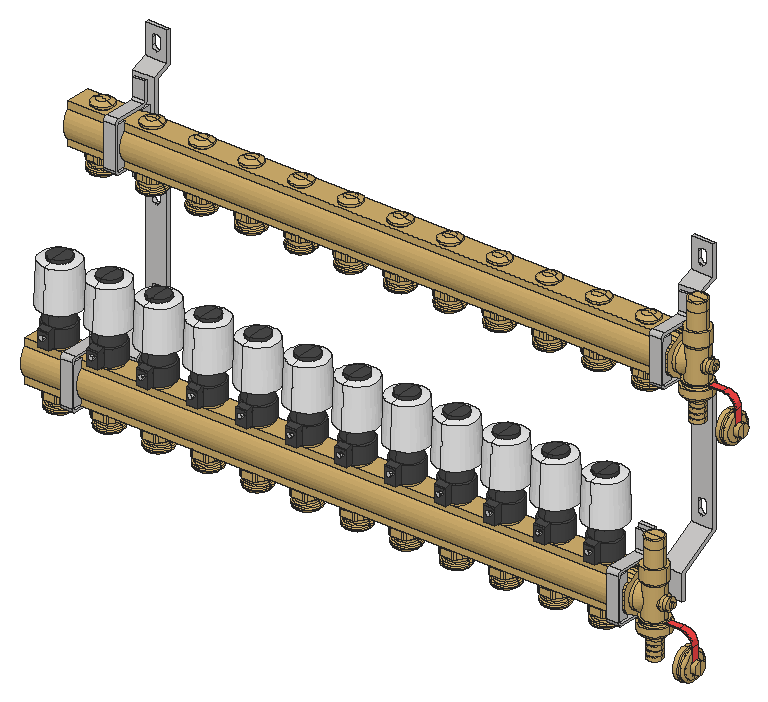
Revit family "1Manifold FHF_2-12_TWA-A_RFA", category Pipe Accessories, Revit 2019 (continued)
Definition of nested family "TWA-A_RFA"
  Automatic sketch dimensions
    Extrusion 3 sketch curve to plane 7 = 0 mm
    Revolve 4 sketch curve to Revolve 4 sketch curve = 0 mm
    Revolve 5 sketch curve to plane 6 = 0 mm
    Revolve 6 sketch curve to plane 4 = 0 mm
    Revolve 6 sketch curve to Revolve 6 sketch curve = 0 mm
    Revolve 4 sketch curve to Revolve 4 sketch curve = 20.25 mm
    Revolve 4 sketch curve to plane 6 = 4.907 mm
Definition of nested family "FHF+Actuator Symbol"
  Parameters (values of type "FHF+Actuator Symbol")
    z [instance] = Offset Z + 1000 mm  # 1500 mm
    y [instance] = Offset Y + 500 mm  # 1000 mm
    x [instance] = Offset X + 1000 mm  # 1025 mm
    Offset X [instance] = 25 mm
    Offset Y [instance] = 500 mm
    length [instance] = 500 mm
    Number of Circuits [instance] = 11
    Offset Z [instance] = 500 mm
    L [instance] = length + 50 mm  # 550 mm
  Reference planes
    plane 1 "Center (Front/Back)": y = 0
    plane 2: z = 0
    plane 3 "Center (Left/Right)": x = 0
    plane 4: x = 550
    plane 5 "bottom manifold": y = -500
    plane 6: z = -500
    plane 7 "right bottom length": x = 525
    plane 8: x = 25
    plane 9: x = 0
    plane 10 "left bottom length": x = -25
    plane 11: x = 525
    plane 12: x = 500
    plane 13: y = 23
    plane 14: y = 500
    plane 15: x = 1000
    plane 16: z = 1000
    plane 17: z = -520
  Lines and regions (mm)
    model lines
      curve 1: line (0, 0, -20) -> (0, 0, 20)
      curve 2: line (0, 0, 20) -> (550, 0, 20)
      curve 3: line (550, 0, 20) -> (550, 0, -20)
      curve 4: line (550, 0, -20) -> (0, 0, -20)
      curve 5: line (0, -500, -520) -> (0, -500, -538.048)
      curve 6: line (25, 0, -20) -> (25, 0, -50)
      curve 7: line (25, 0, -50) -> (40, 0, -50)
      curve 8: line (25, 0, -50) -> (10, 0, -50)
      curve 9: line (10, 0, -50) -> (40, 0, -101.962)
      curve 10: line (40, 0, -50) -> (10, 0, -101.962)
      curve 11: line (10, 0, -101.962) -> (40, 0, -101.962)
      curve 12: line (25, 0, -101.962) -> (25, 0, -116.962)
      curve 13: line (-25, -500, -480) -> (525, -500, -480)
      curve 14: line (525, -500, -480) -> (525, -500, -520)
      curve 15: line (525, -500, -520) -> (-25, -500, -520)
      curve 16: line (-25, -500, -520) -> (-25, -500, -480)
      curve 17: line (75, 0, -20) -> (75, 0, -50)
      curve 18: line (75, 0, -50) -> (90, 0, -50)
      curve 19: line (75, 0, -50) -> (60, 0, -50)
      curve 20: line (60, 0, -50) -> (90, 0, -101.962)
      curve 21: line (90, 0, -50) -> (60, 0, -101.962)
      curve 22: line (60, 0, -101.962) -> (90, 0, -101.962)
      curve 23: line (75, 0, -101.962) -> (75, 0, -116.962)
      curve 24: line (125, 0, -20) -> (125, 0, -50)
      curve 25: line (125, 0, -50) -> (140, 0, -50)
      curve 26: line (125, 0, -50) -> (110, 0, -50)
      curve 27: line (110, 0, -50) -> (140, 0, -101.962)
      curve 28: line (140, 0, -50) -> (110, 0, -101.962)
      curve 29: line (110, 0, -101.962) -> (140, 0, -101.962)
      curve 30: line (125, 0, -101.962) -> (125, 0, -116.962)
      curve 35: line (175, 0, -20) -> (175, 0, -50)
      curve 36: line (175, 0, -50) -> (190, 0, -50)
      curve 37: line (175, 0, -50) -> (160, 0, -50)
      curve 38: line (160, 0, -50) -> (190, 0, -101.962)
      curve 39: line (190, 0, -50) -> (160, 0, -101.962)
      curve 40: line (160, 0, -101.962) -> (190, 0, -101.962)
      curve 41: line (175, 0, -101.962) -> (175, 0, -116.962)
      curve 42: line (500, -500, -480) -> (500, -500, -460)
      curve 43: line (500, -500, -520) -> (500, -500, -580)
      curve 44: line (510, -500, -580) -> (490, -500, -580)
      curve 45: line (490, -500, -580) -> (500, -500, -597.321)
      curve 46: line (510, -500, -580) -> (500, -500, -597.321)
      curve 47: line (490, -500, -460) -> (510, -500, -460)
      curve 48: line (510, -500, -460) -> (500, -500, -442.679)
      curve 49: line (490, -500, -460) -> (500, -500, -442.679)
      curve 50: line (50, -500, -520) -> (50, -500, -538.048)
      curve 51: line (100, -500, -520) -> (100, -500, -538.048)
      curve 52: line (150, -500, -520) -> (150, -500, -538.048)
      curve 55: line (525, 0, 20) -> (525, 0, 40)
      curve 56: line (515, 0, 40) -> (535, 0, 40)
      curve 57: line (535, 0, 40) -> (525, 0, 57.321)
      curve 58: line (515, 0, 40) -> (525, 0, 57.321)
      curve 59: line (525, 0, -20) -> (525, 0, -120)
      curve 60: line (535, 0, -120) -> (515, 0, -120)
      curve 61: line (515, 0, -120) -> (525, 0, -137.321)
      curve 62: line (535, 0, -120) -> (525, 0, -137.321)
      curve 63: line (225, 0, -20) -> (225, 0, -50)
      curve 64: line (225, 0, -50) -> (240, 0, -50)
      curve 65: line (225, 0, -50) -> (210, 0, -50)
      curve 66: line (210, 0, -50) -> (240, 0, -101.962)
      curve 67: line (240, 0, -50) -> (210, 0, -101.962)
      curve 68: line (210, 0, -101.962) -> (240, 0, -101.962)
      curve 69: line (225, 0, -101.962) -> (225, 0, -116.962)
      curve 70: line (275, 0, -20) -> (275, 0, -50)
      curve 71: line (275, 0, -50) -> (290, 0, -50)
      curve 72: line (275, 0, -50) -> (260, 0, -50)
      curve 73: line (260, 0, -50) -> (290, 0, -101.962)
      curve 74: line (290, 0, -50) -> (260, 0, -101.962)
      curve 75: line (260, 0, -101.962) -> (290, 0, -101.962)
      curve 76: line (275, 0, -101.962) -> (275, 0, -116.962)
      curve 77: line (325, 0, -20) -> (325, 0, -50)
      curve 78: line (325, 0, -50) -> (340, 0, -50)
      curve 79: line (325, 0, -50) -> (310, 0, -50)
      curve 80: line (310, 0, -50) -> (340, 0, -101.962)
      curve 81: line (340, 0, -50) -> (310, 0, -101.962)
      curve 82: line (310, 0, -101.962) -> (340, 0, -101.962)
      curve 83: line (325, 0, -101.962) -> (325, 0, -116.962)
      curve 84: line (375, 0, -20) -> (375, 0, -50)
      curve 85: line (375, 0, -50) -> (390, 0, -50)
      curve 86: line (375, 0, -50) -> (360, 0, -50)
      curve 87: line (360, 0, -50) -> (390, 0, -101.962)
      curve 88: line (390, 0, -50) -> (360, 0, -101.962)
      curve 89: line (360, 0, -101.962) -> (390, 0, -101.962)
      curve 90: line (375, 0, -101.962) -> (375, 0, -116.962)
      curve 91: line (425, 0, -20) -> (425, 0, -50)
      curve 92: line (425, 0, -50) -> (440, 0, -50)
      curve 93: line (425, 0, -50) -> (410, 0, -50)
      curve 94: line (410, 0, -50) -> (440, 0, -101.962)
      curve 95: line (440, 0, -50) -> (410, 0, -101.962)
      curve 96: line (410, 0, -101.962) -> (440, 0, -101.962)
      curve 97: line (425, 0, -101.962) -> (425, 0, -116.962)
      curve 98: line (475, 0, -20) -> (475, 0, -50)
      curve 99: line (475, 0, -50) -> (490, 0, -50)
      curve 100: line (475, 0, -50) -> (460, 0, -50)
      curve 101: line (460, 0, -50) -> (490, 0, -101.962)
      curve 102: line (490, 0, -50) -> (460, 0, -101.962)
      curve 103: line (460, 0, -101.962) -> (490, 0, -101.962)
      curve 104: line (475, 0, -101.962) -> (475, 0, -116.962)
      curve 105: line (525, 0, -20) -> (525, 0, -50)
      curve 106: line (525, 0, -50) -> (540, 0, -50)
      curve 107: line (525, 0, -50) -> (510, 0, -50)
      curve 108: line (510, 0, -50) -> (540, 0, -101.962)
      curve 109: line (540, 0, -50) -> (510, 0, -101.962)
      curve 110: line (510, 0, -101.962) -> (540, 0, -101.962)
      curve 111: line (525, 0, -101.962) -> (525, 0, -116.962)
      curve 112: line (200, -500, -520) -> (200, -500, -538.048)
      curve 113: line (250, -500, -520) -> (250, -500, -538.048)
      curve 114: line (300, -500, -520) -> (300, -500, -538.048)
      curve 115: line (350, -500, -520) -> (350, -500, -538.048)
      curve 116: line (400, -500, -520) -> (400, -500, -538.048)
      curve 117: line (450, -500, -520) -> (450, -500, -538.048)
      curve 118: line (500, -500, -520) -> (500, -500, -538.048)
      curve 119: line (50, -500, -461.952) -> (50, -500, -480)
      curve 120: line (65, -500, -461.952) -> (35, -500, -461.952)
      curve 121: line (65, -500, -431.952) -> (35, -500, -431.952)
      curve 122: line (65, -500, -431.952) -> (65, -500, -461.952)
      curve 123: line (35, -500, -431.952) -> (35, -500, -461.952)
      curve 124: line (0, -500, -461.952) -> (0, -500, -480)
      curve 125: line (15, -500, -461.952) -> (-15, -500, -461.952)
      curve 126: line (15, -500, -431.952) -> (-15, -500, -431.952)
      curve 127: line (15, -500, -431.952) -> (15, -500, -461.952)
      curve 128: line (-15, -500, -431.952) -> (-15, -500, -461.952)
      curve 129: line (100, -500, -461.952) -> (100, -500, -480)
      curve 130: line (115, -500, -461.952) -> (85, -500, -461.952)
      curve 131: line (115, -500, -431.952) -> (85, -500, -431.952)
      curve 132: line (115, -500, -431.952) -> (115, -500, -461.952)
      curve 133: line (85, -500, -431.952) -> (85, -500, -461.952)
      curve 134: line (150, -500, -461.952) -> (150, -500, -480)
      curve 135: line (165, -500, -461.952) -> (135, -500, -461.952)
      curve 136: line (165, -500, -431.952) -> (135, -500, -431.952)
      curve 137: line (165, -500, -431.952) -> (165, -500, -461.952)
      curve 138: line (135, -500, -431.952) -> (135, -500, -461.952)
      curve 139: line (200, -500, -461.952) -> (200, -500, -480)
      curve 140: line (215, -500, -461.952) -> (185, -500, -461.952)
      curve 141: line (215, -500, -431.952) -> (185, -500, -431.952)
      curve 142: line (215, -500, -431.952) -> (215, -500, -461.952)
      curve 143: line (185, -500, -431.952) -> (185, -500, -461.952)
      curve 144: line (250, -500, -461.952) -> (250, -500, -480)
      curve 145: line (265, -500, -461.952) -> (235, -500, -461.952)
      curve 146: line (265, -500, -431.952) -> (235, -500, -431.952)
      curve 147: line (265, -500, -431.952) -> (265, -500, -461.952)
      curve 148: line (235, -500, -431.952) -> (235, -500, -461.952)
      curve 149: line (300, -500, -461.952) -> (300, -500, -480)
      curve 150: line (315, -500, -461.952) -> (285, -500, -461.952)
      curve 151: line (315, -500, -431.952) -> (285, -500, -431.952)
      curve 152: line (315, -500, -431.952) -> (315, -500, -461.952)
      curve 153: line (285, -500, -431.952) -> (285, -500, -461.952)
      curve 154: line (350, -500, -461.952) -> (350, -500, -480)
      curve 155: line (365, -500, -461.952) -> (335, -500, -461.952)
      curve 156: line (365, -500, -431.952) -> (335, -500, -431.952)
      curve 157: line (365, -500, -431.952) -> (365, -500, -461.952)
      curve 158: line (335, -500, -431.952) -> (335, -500, -461.952)
      curve 159: line (400, -500, -461.952) -> (400, -500, -480)
      curve 160: line (415, -500, -461.952) -> (385, -500, -461.952)
      curve 161: line (415, -500, -431.952) -> (385, -500, -431.952)
      curve 162: line (415, -500, -431.952) -> (415, -500, -461.952)
      curve 163: line (385, -500, -431.952) -> (385, -500, -461.952)
      curve 164: line (450, -500, -461.952) -> (450, -500, -480)
      curve 165: line (465, -500, -461.952) -> (435, -500, -461.952)
      curve 166: line (465, -500, -431.952) -> (435, -500, -431.952)
      curve 167: line (465, -500, -431.952) -> (465, -500, -461.952)
      curve 168: line (435, -500, -431.952) -> (435, -500, -461.952)
      curve 169: line (500, -500, -461.952) -> (500, -500, -480)
      curve 170: line (515, -500, -461.952) -> (485, -500, -461.952)
      curve 171: line (515, -500, -431.952) -> (485, -500, -431.952)
      curve 172: line (515, -500, -431.952) -> (515, -500, -461.952)
      curve 173: line (485, -500, -431.952) -> (485, -500, -461.952)
    symbolic lines
      curve 31: line (0, -500, 0) -> (0, 23, 0)
      curve 32: line (0, 23, 0) -> (525, 23, 0)
      curve 33: line (525, 23, 0) -> (525, -500, 0)
      curve 34: line (525, -500, 0) -> (0, -500, 0)
      curve 53: line (0, 23, 0) -> (525, -500, 0)
      curve 54: line (525, 23, 0) -> (0, -500, 0)
  Dimensions and locks
    "L": plane 4 to plane 3 "Center (Left/Right)"
    locked: curve 2 to level at 20
    locked: level to curve 4 at 20
    locked: plane 8 to plane 3 "Center (Left/Right)" at 25
    locked: curve 13 to plane 6 at 20
    locked: plane 6 to curve 15 at 20
    locked: plane 6 to curve 5 at 20
    locked: plane 2 to curve 7 at 50
    plane 2 to curve 11 = 101.962 mm
    locked: plane 2 to curve 6 at 20
    equal spacing: group 1, group 2, group 3, group 4, group 9, group 10, group 11, group 12, group 13, group 14, group 15  (x3)
    locked: plane 9 to plane 10 "left bottom length" at 25
    "L": plane 7 "right bottom length" to plane 10 "left bottom length"
    locked: plane 4 to plane 11 at 25
    locked: plane 7 "right bottom length" to plane 12 at 25
    locked: plane 12 to curve 49 at 10
    locked: curve 48 to plane 12 at 10
    locked: plane 12 to curve 45 at 10
    locked: curve 46 to plane 12 at 10
    equal spacing: group 5, group 6, group 7, group 8, group 16, group 17, group 18, group 19, group 20, group 21, group 22  (x2)
    equal spacing: group 22, group 21, group 20, group 19, group 18, group 17, group 16, group 8, group 7, group 6, group 5
    locked: curve 5 to curve 50 at 50
    plane 1 "Center (Front/Back)" to plane 13 = 23 mm
    locked: plane 11 to curve 58 at 10
    locked: curve 57 to plane 11 at 10
    locked: plane 11 to curve 61 at 10
    locked: curve 62 to plane 11 at 10
    "y": plane 5 "bottom manifold" to plane 14
    "x": plane 15 to plane 10 "left bottom length"
    locked: plane 6 to plane 17 at 20
    "z": plane 16 to plane 6
    aligned and locked: level to plane 2
    aligned and locked: plane 7 "right bottom length" to curve 14
    aligned and locked: plane 3 "Center (Left/Right)" to curve 31
    aligned and locked: curve 42 to plane 12
    aligned and locked: curve 46 to plane 12
    aligned and locked: plane 12 to curve 43
    aligned and locked: curve 49 to plane 12
    aligned and locked: curve 16 to plane 10 "left bottom length"
    aligned and locked: plane 5 "bottom manifold" to curve 5
    aligned and locked: curve 34 to plane 5 "bottom manifold"
    aligned and locked: curve 32 to plane 13
    aligned and locked: curve 33 to plane 7 "right bottom length"
    aligned and locked: plane 11 to curve 55
    aligned and locked: curve 59 to plane 11
    aligned and locked: plane 5 "bottom manifold" to curve 50
    aligned and locked: plane 17 to curve 50
    aligned and locked: plane 9 to curve 5
  Automatic sketch dimensions
    curve 8 to curve 11 = 0 mm
    curve 8 to curve 7 = 15 mm
    curve 11 to curve 11 = 30 mm
    curve 6 to curve 7 = 15 mm
    curve 10 to curve 8 = 51.962 mm
    curve 12 to curve 9 = 15 mm
    curve 12 to curve 12 = 15 mm
    curve 6 to curve 6 = 30 mm
    curve 19 to curve 22 = 0 mm
    curve 19 to curve 18 = 15 mm
    curve 22 to curve 22 = 30 mm
    curve 17 to curve 18 = 15 mm
    curve 21 to curve 19 = 51.962 mm
    curve 23 to curve 20 = 15 mm
    curve 23 to curve 23 = 15 mm
    curve 17 to curve 17 = 30 mm
    curve 26 to curve 29 = 0 mm
    curve 26 to curve 25 = 15 mm
    curve 29 to curve 29 = 30 mm
    curve 24 to curve 25 = 15 mm
    curve 28 to curve 26 = 51.962 mm
    curve 30 to curve 27 = 15 mm
    curve 30 to curve 30 = 15 mm
    curve 24 to curve 24 = 30 mm
    curve 37 to curve 40 = 0 mm
    curve 37 to curve 36 = 15 mm
    curve 40 to curve 40 = 30 mm
    curve 35 to curve 36 = 15 mm
    curve 39 to curve 37 = 51.962 mm
    curve 41 to curve 38 = 15 mm
    curve 41 to curve 41 = 15 mm
    curve 35 to curve 35 = 30 mm
    curve 5 to curve 5 = 18.048 mm  (x2)
    curve 46 to curve 43 = 60 mm
    curve 46 to curve 43 = 17.321 mm
    curve 42 to curve 47 = 20 mm
    curve 42 to curve 49 = 17.321 mm
    curve 65 to curve 68 = 0 mm
    curve 65 to curve 64 = 15 mm
    curve 68 to curve 68 = 30 mm
    curve 63 to curve 64 = 15 mm
    curve 67 to curve 65 = 51.962 mm
    curve 69 to curve 66 = 15 mm
    curve 69 to curve 69 = 15 mm
    curve 63 to curve 63 = 30 mm
    curve 72 to curve 75 = 0 mm
    curve 72 to curve 71 = 15 mm
    curve 75 to curve 75 = 30 mm
    curve 70 to curve 71 = 15 mm
    curve 74 to curve 72 = 51.962 mm
    curve 76 to curve 73 = 15 mm
    curve 76 to curve 76 = 15 mm
    curve 70 to curve 70 = 30 mm
    curve 79 to curve 82 = 0 mm
    curve 79 to curve 78 = 15 mm
    curve 82 to curve 82 = 30 mm
    curve 77 to curve 78 = 15 mm
    curve 81 to curve 79 = 51.962 mm
    curve 83 to curve 80 = 15 mm
    curve 83 to curve 83 = 15 mm
    curve 77 to curve 77 = 30 mm
    curve 86 to curve 89 = 0 mm
    curve 86 to curve 85 = 15 mm
    curve 89 to curve 89 = 30 mm
    curve 84 to curve 85 = 15 mm
    curve 88 to curve 86 = 51.962 mm
    curve 90 to curve 87 = 15 mm
    curve 90 to curve 90 = 15 mm
    curve 84 to curve 84 = 30 mm
    curve 93 to curve 96 = 0 mm
    curve 93 to curve 92 = 15 mm
    curve 96 to curve 96 = 30 mm
    curve 91 to curve 92 = 15 mm
    curve 95 to curve 93 = 51.962 mm
    curve 97 to curve 94 = 15 mm
    curve 97 to curve 97 = 15 mm
    curve 91 to curve 91 = 30 mm
    curve 100 to curve 103 = 0 mm
    curve 100 to curve 99 = 15 mm
    curve 103 to curve 103 = 30 mm
    curve 98 to curve 99 = 15 mm
    curve 102 to curve 100 = 51.962 mm
    curve 104 to curve 101 = 15 mm
    curve 104 to curve 104 = 15 mm
    curve 98 to curve 98 = 30 mm
    curve 107 to curve 110 = 0 mm
    curve 107 to curve 106 = 15 mm
    curve 110 to curve 110 = 30 mm
    curve 105 to curve 106 = 15 mm
    curve 109 to curve 107 = 51.962 mm
    curve 111 to curve 108 = 15 mm
    curve 111 to curve 111 = 15 mm
    curve 105 to curve 105 = 30 mm
    curve 1 to plane 3 "Center (Left/Right)" = 0 mm
    plane 11 to curve 62 = 0 mm
    curve 57 to plane 11 = 0 mm
    curve 2 to plane 4 = 0 mm
    curve 60 to curve 59 = 100 mm
    curve 55 to curve 56 = 20 mm
    curve 55 to curve 57 = 17.321 mm
    curve 62 to curve 59 = 17.321 mm
    curve 50 to curve 50 = 18.048 mm
    curve 50 to curve 119 = 40 mm
    curve 119 to curve 119 = 18.048 mm
    curve 119 to curve 50 = 0 mm
    curve 120 to curve 122 = 30 mm
    curve 121 to curve 121 = 30 mm
    curve 5 to curve 124 = 40 mm
    curve 124 to curve 124 = 18.048 mm
    curve 124 to curve 5 = 0 mm
    curve 125 to curve 127 = 30 mm
    curve 126 to curve 126 = 30 mm
    curve 51 to curve 51 = 18.048 mm
    curve 51 to curve 129 = 40 mm
    curve 129 to curve 129 = 18.048 mm
    curve 129 to curve 51 = 0 mm
    curve 130 to curve 132 = 30 mm
    curve 131 to curve 131 = 30 mm
    curve 52 to curve 52 = 18.048 mm
    curve 52 to curve 134 = 40 mm
    curve 134 to curve 134 = 18.048 mm
    curve 134 to curve 52 = 0 mm
    curve 135 to curve 137 = 30 mm
    curve 136 to curve 136 = 30 mm
    curve 112 to curve 112 = 18.048 mm
    curve 112 to curve 139 = 40 mm
    curve 139 to curve 139 = 18.048 mm
    curve 139 to curve 112 = 0 mm
    curve 140 to curve 142 = 30 mm
    curve 141 to curve 141 = 30 mm
    curve 113 to curve 113 = 18.048 mm
    curve 113 to curve 144 = 40 mm
    curve 144 to curve 144 = 18.048 mm
    curve 144 to curve 113 = 0 mm
    curve 145 to curve 147 = 30 mm
    curve 146 to curve 146 = 30 mm
    curve 114 to curve 114 = 18.048 mm
    curve 114 to curve 149 = 40 mm
    curve 149 to curve 149 = 18.048 mm
    curve 149 to curve 114 = 0 mm
    curve 150 to curve 152 = 30 mm
    curve 151 to curve 151 = 30 mm
    curve 115 to curve 115 = 18.048 mm
    curve 115 to curve 154 = 40 mm
    curve 154 to curve 154 = 18.048 mm
    curve 154 to curve 115 = 0 mm
    curve 155 to curve 157 = 30 mm
    curve 156 to curve 156 = 30 mm
    curve 116 to curve 116 = 18.048 mm
    curve 116 to curve 159 = 40 mm
    curve 159 to curve 159 = 18.048 mm
    curve 159 to curve 116 = 0 mm
    curve 160 to curve 162 = 30 mm
    curve 161 to curve 161 = 30 mm
    curve 117 to curve 117 = 18.048 mm
    curve 117 to curve 164 = 40 mm
    curve 164 to curve 164 = 18.048 mm
    curve 164 to curve 117 = 0 mm
    curve 165 to curve 167 = 30 mm
    curve 166 to curve 166 = 30 mm
    curve 118 to curve 118 = 18.048 mm
    curve 118 to curve 169 = 40 mm
    curve 169 to curve 169 = 18.048 mm
    curve 169 to curve 118 = 0 mm
    curve 170 to curve 172 = 30 mm
    curve 171 to curve 171 = 30 mm
Types (11, lengths in mm): name | Power | Number of Circuits | Model Type | Model | Length | L1 | L bracket | L
  Manifold FHF_2+2_088U0502 | 4 VA | 2 | "Manifold FHF_2+2" | "088U0502" | 100 | 111 | 50 | 170
  Manifold FHF_12+12_088U0512 | 24 VA | 12 | "Manifold FHF_12+12" | "088U0512" | 600 | 611 | 550 | 670
  Manifold FHF_3+3_088U0503 | 6 VA | 3 | "Manifold FHF_3+3" | "088U0503" | 150 | 161 | 100 | 220
  Manifold FHF_4+4_088U0504 | 8 VA | 4 | "Manifold FHF_4+4" | "088U0504" | 200 | 211 | 150 | 270
  Manifold FHF_5+5_088U0505 | 10 VA | 5 | "Manifold FHF_5+5" | "088U0505" | 250 | 261 | 200 | 320
  Manifold FHF_6+6_088U0506 | 12 VA | 6 | "Manifold FHF_6+6" | "088U0506" | 300 | 311 | 250 | 370
  Manifold FHF_7+7_088U0507 | 14 VA | 7 | "Manifold FHF_7+7" | "088U0507" | 350 | 361 | 300 | 420
  Manifold FHF_8+8_088U0508 | 16 VA | 8 | "Manifold FHF_8+8" | "088U0508" | 400 | 411 | 350 | 470
  Manifold FHF_9+9_088U0509 | 18 VA | 9 | "Manifold FHF_9+9" | "088U0509" | 450 | 461 | 400 | 520
  Manifold FHF_10+10_088U0510 | 20 VA | 10 | "Manifold FHF_10+10" | "088U0510" | 500 | 511 | 450 | 570
  Manifold FHF_11+11_088U0511 | 22 VA | 11 | "Manifold FHF_11+11" | "088U0511" | 550 | 561 | 500 | 620
